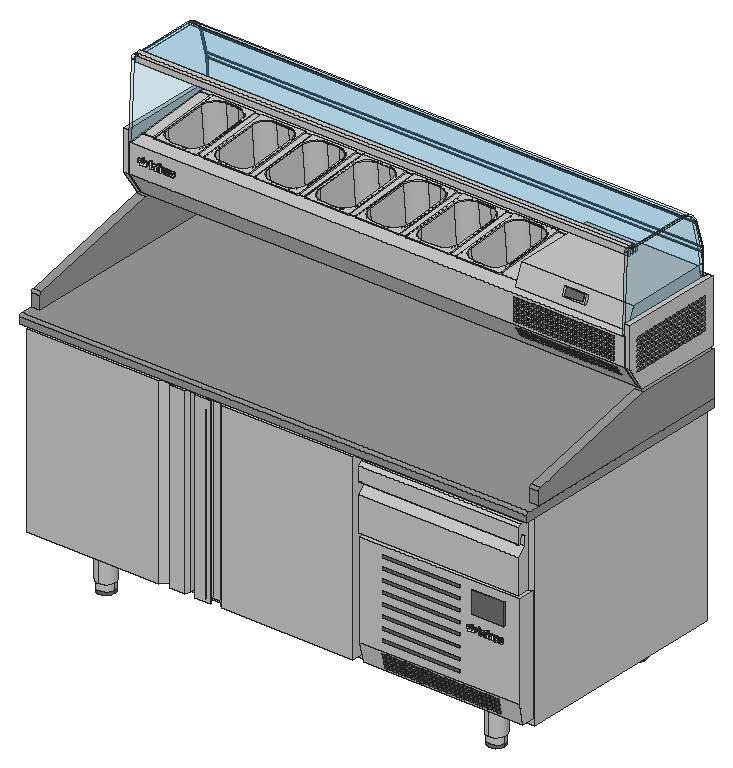
Revit family "QF_INFRICO_MP1740_VIP1740B14_G_250813111353", category Specialty Equipment, Revit 2021 (continued)
Definition of nested family "QF_INFRICO_VIP1740B14_G_6438"
  Forms (mm)
    Extrusion 1, solid
      sketch origin (-2002.914, -351.1, -830.93) x (1, 0, 0) y (0, 0, 1)
        loop
          line (3472.114, 980.789) -> (3482.114, 980.789) -> (3482.114, 990.789) -> (3472.114, 990.789) -> (3472.114, 980.789)
        loop
          line (3472.114, 997.214) -> (3482.114, 997.214) -> (3482.114, 1007.214) -> (3472.114, 1007.214) -> (3472.114, 997.214)
        loop
          line (3488.764, 997.214) -> (3498.764, 997.214) -> (3498.764, 1007.214) -> (3488.764, 1007.214) -> (3488.764, 997.214)
        loop
          line (3498.764, 980.789) -> (3498.764, 990.789) -> (3488.764, 990.789) -> (3488.764, 980.789) -> (3498.764, 980.789)
        loop
          line (3522.064, 931.514) -> (3532.064, 931.514) -> (3532.064, 941.514) -> (3522.064, 941.514) -> (3522.064, 931.514)
        loop
          line (3505.414, 931.514) -> (3515.414, 931.514) -> (3515.414, 941.514) -> (3505.414, 941.514) -> (3505.414, 931.514)
        loop
          line (3522.064, 947.939) -> (3532.064, 947.939) -> (3532.064, 957.939) -> (3522.064, 957.939) -> (3522.064, 947.939)
        loop
          line (3515.414, 947.939) -> (3515.414, 957.939) -> (3505.414, 957.939) -> (3505.414, 947.939) -> (3515.414, 947.939)
        loop
          line (3522.064, 964.364) -> (3532.064, 964.364) -> (3532.064, 974.364) -> (3522.064, 974.364) -> (3522.064, 964.364)
        loop
          line (3515.414, 964.364) -> (3515.414, 974.364) -> (3505.414, 974.364) -> (3505.414, 964.364) -> (3515.414, 964.364)
        loop
          line (3505.414, 980.789) -> (3515.414, 980.789) -> (3515.414, 990.789) -> (3505.414, 990.789) -> (3505.414, 980.789)
        loop
          line (3505.414, 997.214) -> (3515.414, 997.214) -> (3515.414, 1007.214) -> (3505.414, 1007.214) -> (3505.414, 997.214)
        loop
          line (3522.064, 997.214) -> (3532.064, 997.214) -> (3532.064, 1007.214) -> (3522.064, 1007.214) -> (3522.064, 997.214)
        loop
          line (3532.064, 980.789) -> (3532.064, 990.789) -> (3522.064, 990.789) -> (3522.064, 980.789) -> (3532.064, 980.789)
        loop
          line (3555.364, 931.514) -> (3565.364, 931.514) -> (3565.364, 941.514) -> (3555.364, 941.514) -> (3555.364, 931.514)
        loop
          line (3538.714, 931.514) -> (3548.714, 931.514) -> (3548.714, 941.514) -> (3538.714, 941.514) -> (3538.714, 931.514)
        loop
          line (3555.364, 947.939) -> (3565.364, 947.939) -> (3565.364, 957.939) -> (3555.364, 957.939) -> (3555.364, 947.939)
        loop
          line (3548.714, 947.939) -> (3548.714, 957.939) -> (3538.714, 957.939) -> (3538.714, 947.939) -> (3548.714, 947.939)
        loop
          line (3555.364, 964.364) -> (3565.364, 964.364) -> (3565.364, 974.364) -> (3555.364, 974.364) -> (3555.364, 964.364)
        loop
          line (3548.714, 964.364) -> (3548.714, 974.364) -> (3538.714, 974.364) -> (3538.714, 964.364) -> (3548.714, 964.364)
        loop
          line (3538.714, 980.789) -> (3548.714, 980.789) -> (3548.714, 990.789) -> (3538.714, 990.789) -> (3538.714, 980.789)
        loop
          line (3538.714, 997.214) -> (3548.714, 997.214) -> (3548.714, 1007.214) -> (3538.714, 1007.214) -> (3538.714, 997.214)
        loop
          line (3555.364, 997.214) -> (3565.364, 997.214) -> (3565.364, 1007.214) -> (3555.364, 1007.214) -> (3555.364, 997.214)
        loop
          line (3565.364, 980.789) -> (3565.364, 990.789) -> (3555.364, 990.789) -> (3555.364, 980.789) -> (3565.364, 980.789)
        loop
          line (3588.664, 931.514) -> (3598.664, 931.514) -> (3598.664, 941.514) -> (3588.664, 941.514) -> (3588.664, 931.514)
        loop
          line (3572.014, 931.514) -> (3582.014, 931.514) -> (3582.014, 941.514) -> (3572.014, 941.514) -> (3572.014, 931.514)
        loop
          line (3588.664, 947.939) -> (3598.664, 947.939) -> (3598.664, 957.939) -> (3588.664, 957.939) -> (3588.664, 947.939)
        loop
          line (3582.014, 947.939) -> (3582.014, 957.939) -> (3572.014, 957.939) -> (3572.014, 947.939) -> (3582.014, 947.939)
        loop
          line (3588.664, 964.364) -> (3598.664, 964.364) -> (3598.664, 974.364) -> (3588.664, 974.364) -> (3588.664, 964.364)
        loop
          line (3582.014, 964.364) -> (3582.014, 974.364) -> (3572.014, 974.364) -> (3572.014, 964.364) -> (3582.014, 964.364)
        loop
          line (3572.014, 980.789) -> (3582.014, 980.789) -> (3582.014, 990.789) -> (3572.014, 990.789) -> (3572.014, 980.789)
        loop
          line (3572.014, 997.214) -> (3582.014, 997.214) -> (3582.014, 1007.214) -> (3572.014, 1007.214) -> (3572.014, 997.214)
        loop
          line (3588.664, 997.214) -> (3598.664, 997.214) -> (3598.664, 1007.214) -> (3588.664, 1007.214) -> (3588.664, 997.214)
        loop
          line (3598.664, 980.789) -> (3598.664, 990.789) -> (3588.664, 990.789) -> (3588.664, 980.789) -> (3598.664, 980.789)
        loop
          line (3605.314, 931.514) -> (3615.314, 931.514) -> (3615.314, 941.514) -> (3605.314, 941.514) -> (3605.314, 931.514)
        loop
          line (3605.314, 947.939) -> (3615.314, 947.939) -> (3615.314, 957.939) -> (3605.314, 957.939) -> (3605.314, 947.939)
        loop
          line (3605.314, 964.364) -> (3615.314, 964.364) -> (3615.314, 974.364) -> (3605.314, 974.364) -> (3605.314, 964.364)
        loop
          line (3605.314, 997.214) -> (3615.314, 997.214) -> (3615.314, 1007.214) -> (3605.314, 1007.214) -> (3605.314, 997.214)
        loop
          line (3615.314, 980.789) -> (3615.314, 990.789) -> (3605.314, 990.789) -> (3605.314, 980.789) -> (3615.314, 980.789)
        loop
          line (3638.614, 931.514) -> (3648.614, 931.514) -> (3648.614, 941.514) -> (3638.614, 941.514) -> (3638.614, 931.514)
        loop
          line (3621.964, 931.514) -> (3631.964, 931.514) -> (3631.964, 941.514) -> (3621.964, 941.514) -> (3621.964, 931.514)
        loop
          line (3638.614, 947.939) -> (3648.614, 947.939) -> (3648.614, 957.939) -> (3638.614, 957.939) -> (3638.614, 947.939)
        loop
          line (3631.964, 947.939) -> (3631.964, 957.939) -> (3621.964, 957.939) -> (3621.964, 947.939) -> (3631.964, 947.939)
        loop
          line (3638.614, 964.364) -> (3648.614, 964.364) -> (3648.614, 974.364) -> (3638.614, 974.364) -> (3638.614, 964.364)
        loop
          line (3631.964, 964.364) -> (3631.964, 974.364) -> (3621.964, 974.364) -> (3621.964, 964.364) -> (3631.964, 964.364)
        loop
          line (3621.964, 980.789) -> (3631.964, 980.789) -> (3631.964, 990.789) -> (3621.964, 990.789) -> (3621.964, 980.789)
        loop
          line (3621.964, 997.214) -> (3631.964, 997.214) -> (3631.964, 1007.214) -> (3621.964, 1007.214) -> (3621.964, 997.214)
        loop
          line (3638.614, 997.214) -> (3648.614, 997.214) -> (3648.614, 1007.214) -> (3638.614, 1007.214) -> (3638.614, 997.214)
        loop
          line (3648.614, 980.789) -> (3648.614, 990.789) -> (3638.614, 990.789) -> (3638.614, 980.789) -> (3648.614, 980.789)
        loop
          line (3671.914, 931.514) -> (3681.914, 931.514) -> (3681.914, 941.514) -> (3671.914, 941.514) -> (3671.914, 931.514)
        loop
          line (3655.264, 931.514) -> (3665.264, 931.514) -> (3665.264, 941.514) -> (3655.264, 941.514) -> (3655.264, 931.514)
        loop
          line (3671.914, 947.939) -> (3681.914, 947.939) -> (3681.914, 957.939) -> (3671.914, 957.939) -> (3671.914, 947.939)
        loop
          line (3665.264, 947.939) -> (3665.264, 957.939) -> (3655.264, 957.939) -> (3655.264, 947.939) -> (3665.264, 947.939)
        loop
          line (3671.914, 964.364) -> (3681.914, 964.364) -> (3681.914, 974.364) -> (3671.914, 974.364) -> (3671.914, 964.364)
        loop
          line (3665.264, 964.364) -> (3665.264, 974.364) -> (3655.264, 974.364) -> (3655.264, 964.364) -> (3665.264, 964.364)
        loop
          line (3655.264, 980.789) -> (3665.264, 980.789) -> (3665.264, 990.789) -> (3655.264, 990.789) -> (3655.264, 980.789)
        loop
          line (3655.264, 997.214) -> (3665.264, 997.214) -> (3665.264, 1007.214) -> (3655.264, 1007.214) -> (3655.264, 997.214)
        loop
          line (3671.914, 997.214) -> (3681.914, 997.214) -> (3681.914, 1007.214) -> (3671.914, 1007.214) -> (3671.914, 997.214)
        loop
          line (3681.914, 980.789) -> (3681.914, 990.789) -> (3671.914, 990.789) -> (3671.914, 980.789) -> (3681.914, 980.789)
      from 0 to 2
    Extrusion 2, solid
      sketch origin (-2002.914, 212.286, -760.014) x (1, 0, 0) y (0, -0.552197, 0.833714)
        loop
          line (3355.564, 964.364) -> (3365.564, 964.364) -> (3365.564, 974.364) -> (3355.564, 974.364) -> (3355.564, 964.364)
        loop
          line (3348.914, 964.364) -> (3348.914, 974.364) -> (3338.914, 974.364) -> (3338.914, 964.364) -> (3348.914, 964.364)
        loop
          line (3338.914, 980.789) -> (3348.914, 980.789) -> (3348.914, 990.789) -> (3338.914, 990.789) -> (3338.914, 980.789)
        loop
          line (3338.914, 997.214) -> (3348.914, 997.214) -> (3348.914, 1007.214) -> (3338.914, 1007.214) -> (3338.914, 997.214)
        loop
          line (3355.564, 997.214) -> (3365.564, 997.214) -> (3365.564, 1007.214) -> (3355.564, 1007.214) -> (3355.564, 997.214)
        loop
          line (3365.564, 980.789) -> (3365.564, 990.789) -> (3355.564, 990.789) -> (3355.564, 980.789) -> (3365.564, 980.789)
        loop
          line (3388.864, 964.364) -> (3398.864, 964.364) -> (3398.864, 974.364) -> (3388.864, 974.364) -> (3388.864, 964.364)
        loop
          line (3382.214, 964.364) -> (3382.214, 974.364) -> (3372.214, 974.364) -> (3372.214, 964.364) -> (3382.214, 964.364)
        loop
          line (3372.214, 980.789) -> (3382.214, 980.789) -> (3382.214, 990.789) -> (3372.214, 990.789) -> (3372.214, 980.789)
        loop
          line (3372.214, 997.214) -> (3382.214, 997.214) -> (3382.214, 1007.214) -> (3372.214, 1007.214) -> (3372.214, 997.214)
        loop
          line (3388.864, 997.214) -> (3398.864, 997.214) -> (3398.864, 1007.214) -> (3388.864, 1007.214) -> (3388.864, 997.214)
        loop
          line (3398.864, 980.789) -> (3398.864, 990.789) -> (3388.864, 990.789) -> (3388.864, 980.789) -> (3398.864, 980.789)
        loop
          line (3422.164, 964.364) -> (3432.164, 964.364) -> (3432.164, 974.364) -> (3422.164, 974.364) -> (3422.164, 964.364)
        loop
          line (3415.514, 964.364) -> (3415.514, 974.364) -> (3405.514, 974.364) -> (3405.514, 964.364) -> (3415.514, 964.364)
        loop
          line (3405.514, 980.789) -> (3415.514, 980.789) -> (3415.514, 990.789) -> (3405.514, 990.789) -> (3405.514, 980.789)
        loop
          line (3405.514, 997.214) -> (3415.514, 997.214) -> (3415.514, 1007.214) -> (3405.514, 1007.214) -> (3405.514, 997.214)
        loop
          line (3422.164, 997.214) -> (3432.164, 997.214) -> (3432.164, 1007.214) -> (3422.164, 1007.214) -> (3422.164, 997.214)
        loop
          line (3432.164, 980.789) -> (3432.164, 990.789) -> (3422.164, 990.789) -> (3422.164, 980.789) -> (3432.164, 980.789)
        loop
          line (3455.464, 964.364) -> (3465.464, 964.364) -> (3465.464, 974.364) -> (3455.464, 974.364) -> (3455.464, 964.364)
        loop
          line (3448.814, 964.364) -> (3448.814, 974.364) -> (3438.814, 974.364) -> (3438.814, 964.364) -> (3448.814, 964.364)
        loop
          line (3438.814, 980.789) -> (3448.814, 980.789) -> (3448.814, 990.789) -> (3438.814, 990.789) -> (3438.814, 980.789)
        loop
          line (3438.814, 997.214) -> (3448.814, 997.214) -> (3448.814, 1007.214) -> (3438.814, 1007.214) -> (3438.814, 997.214)
        loop
          line (3455.464, 997.214) -> (3465.464, 997.214) -> (3465.464, 1007.214) -> (3455.464, 1007.214) -> (3455.464, 997.214)
        loop
          line (3465.464, 980.789) -> (3465.464, 990.789) -> (3455.464, 990.789) -> (3455.464, 980.789) -> (3465.464, 980.789)
        loop
          line (3488.764, 964.364) -> (3498.764, 964.364) -> (3498.764, 974.364) -> (3488.764, 974.364) -> (3488.764, 964.364)
        loop
          line (3482.114, 964.364) -> (3482.114, 974.364) -> (3472.114, 974.364) -> (3472.114, 964.364) -> (3482.114, 964.364)
        loop
          line (3472.114, 980.789) -> (3482.114, 980.789) -> (3482.114, 990.789) -> (3472.114, 990.789) -> (3472.114, 980.789)
        loop
          line (3472.114, 997.214) -> (3482.114, 997.214) -> (3482.114, 1007.214) -> (3472.114, 1007.214) -> (3472.114, 997.214)
        loop
          line (3488.764, 997.214) -> (3498.764, 997.214) -> (3498.764, 1007.214) -> (3488.764, 1007.214) -> (3488.764, 997.214)
        loop
          line (3498.764, 980.789) -> (3498.764, 990.789) -> (3488.764, 990.789) -> (3488.764, 980.789) -> (3498.764, 980.789)
        loop
          line (3522.064, 964.364) -> (3532.064, 964.364) -> (3532.064, 974.364) -> (3522.064, 974.364) -> (3522.064, 964.364)
        loop
          line (3515.414, 964.364) -> (3515.414, 974.364) -> (3505.414, 974.364) -> (3505.414, 964.364) -> (3515.414, 964.364)
        loop
          line (3505.414, 980.789) -> (3515.414, 980.789) -> (3515.414, 990.789) -> (3505.414, 990.789) -> (3505.414, 980.789)
        loop
          line (3505.414, 997.214) -> (3515.414, 997.214) -> (3515.414, 1007.214) -> (3505.414, 1007.214) -> (3505.414, 997.214)
        loop
          line (3522.064, 997.214) -> (3532.064, 997.214) -> (3532.064, 1007.214) -> (3522.064, 1007.214) -> (3522.064, 997.214)
        loop
          line (3532.064, 980.789) -> (3532.064, 990.789) -> (3522.064, 990.789) -> (3522.064, 980.789) -> (3532.064, 980.789)
        loop
          line (3555.364, 964.364) -> (3565.364, 964.364) -> (3565.364, 974.364) -> (3555.364, 974.364) -> (3555.364, 964.364)
        loop
          line (3548.714, 964.364) -> (3548.714, 974.364) -> (3538.714, 974.364) -> (3538.714, 964.364) -> (3548.714, 964.364)
        loop
          line (3538.714, 980.789) -> (3548.714, 980.789) -> (3548.714, 990.789) -> (3538.714, 990.789) -> (3538.714, 980.789)
        loop
          line (3538.714, 997.214) -> (3548.714, 997.214) -> (3548.714, 1007.214) -> (3538.714, 1007.214) -> (3538.714, 997.214)
        loop
          line (3555.364, 997.214) -> (3565.364, 997.214) -> (3565.364, 1007.214) -> (3555.364, 1007.214) -> (3555.364, 997.214)
        loop
          line (3565.364, 980.789) -> (3565.364, 990.789) -> (3555.364, 990.789) -> (3555.364, 980.789) -> (3565.364, 980.789)
        loop
          line (3588.664, 964.364) -> (3598.664, 964.364) -> (3598.664, 974.364) -> (3588.664, 974.364) -> (3588.664, 964.364)
        loop
          line (3582.014, 964.364) -> (3582.014, 974.364) -> (3572.014, 974.364) -> (3572.014, 964.364) -> (3582.014, 964.364)
        loop
          line (3572.014, 980.789) -> (3582.014, 980.789) -> (3582.014, 990.789) -> (3572.014, 990.789) -> (3572.014, 980.789)
        loop
          line (3572.014, 997.214) -> (3582.014, 997.214) -> (3582.014, 1007.214) -> (3572.014, 1007.214) -> (3572.014, 997.214)
        loop
          line (3588.664, 997.214) -> (3598.664, 997.214) -> (3598.664, 1007.214) -> (3588.664, 1007.214) -> (3588.664, 997.214)
        loop
          line (3598.664, 980.789) -> (3598.664, 990.789) -> (3588.664, 990.789) -> (3588.664, 980.789) -> (3598.664, 980.789)
        loop
          line (3605.314, 964.364) -> (3615.314, 964.364) -> (3615.314, 974.364) -> (3605.314, 974.364) -> (3605.314, 964.364)
        loop
          line (3605.314, 997.214) -> (3615.314, 997.214) -> (3615.314, 1007.214) -> (3605.314, 1007.214) -> (3605.314, 997.214)
        loop
          line (3615.314, 980.789) -> (3615.314, 990.789) -> (3605.314, 990.789) -> (3605.314, 980.789) -> (3615.314, 980.789)
        loop
          line (3638.614, 964.364) -> (3648.614, 964.364) -> (3648.614, 974.364) -> (3638.614, 974.364) -> (3638.614, 964.364)
        loop
          line (3631.964, 964.364) -> (3631.964, 974.364) -> (3621.964, 974.364) -> (3621.964, 964.364) -> (3631.964, 964.364)
        loop
          line (3621.964, 980.789) -> (3631.964, 980.789) -> (3631.964, 990.789) -> (3621.964, 990.789) -> (3621.964, 980.789)
        loop
          line (3621.964, 997.214) -> (3631.964, 997.214) -> (3631.964, 1007.214) -> (3621.964, 1007.214) -> (3621.964, 997.214)
        loop
          line (3638.614, 997.214) -> (3648.614, 997.214) -> (3648.614, 1007.214) -> (3638.614, 1007.214) -> (3638.614, 997.214)
        loop
          line (3648.614, 980.789) -> (3648.614, 990.789) -> (3638.614, 990.789) -> (3638.614, 980.789) -> (3648.614, 980.789)
        loop
          line (3671.914, 964.364) -> (3681.914, 964.364) -> (3681.914, 974.364) -> (3671.914, 974.364) -> (3671.914, 964.364)
        loop
          line (3665.264, 964.364) -> (3665.264, 974.364) -> (3655.264, 974.364) -> (3655.264, 964.364) -> (3665.264, 964.364)
        loop
          line (3655.264, 980.789) -> (3665.264, 980.789) -> (3665.264, 990.789) -> (3655.264, 990.789) -> (3655.264, 980.789)
        loop
          line (3655.264, 997.214) -> (3665.264, 997.214) -> (3665.264, 1007.214) -> (3655.264, 1007.214) -> (3655.264, 997.214)
        loop
          line (3671.914, 997.214) -> (3681.914, 997.214) -> (3681.914, 1007.214) -> (3671.914, 1007.214) -> (3671.914, 997.214)
        loop
          line (3681.914, 980.789) -> (3681.914, 990.789) -> (3671.914, 990.789) -> (3671.914, 980.789) -> (3681.914, 980.789)
      from 0 to 2
    Extrusion 3, solid
      sketch origin (-1972, 0.1, -845.104) x (1, 0, 0) y (0, 0, 1)
        loop
          line (3338.914, 931.514) -> (3348.914, 931.514) -> (3348.914, 941.514) -> (3338.914, 941.514) -> (3338.914, 931.514)
        loop
          line (3338.914, 948.181) -> (3348.914, 948.181) -> (3348.914, 958.181) -> (3338.914, 958.181) -> (3338.914, 948.181)
        loop
          line (3338.914, 964.847) -> (3348.914, 964.847) -> (3348.914, 974.847) -> (3338.914, 974.847) -> (3338.914, 964.847)
        loop
          line (3355.493, 931.514) -> (3365.493, 931.514) -> (3365.493, 941.514) -> (3355.493, 941.514) -> (3355.493, 931.514)
        loop
          line (3355.493, 948.181) -> (3365.493, 948.181) -> (3365.493, 958.181) -> (3355.493, 958.181) -> (3355.493, 948.181)
        loop
          line (3355.493, 964.847) -> (3365.493, 964.847) -> (3365.493, 974.847) -> (3355.493, 974.847) -> (3355.493, 964.847)
        loop
          line (3338.914, 981.514) -> (3348.914, 981.514) -> (3348.914, 991.514) -> (3338.914, 991.514) -> (3338.914, 981.514)
        loop
          line (3355.493, 991.514) -> (3355.493, 981.514) -> (3365.493, 981.514) -> (3365.493, 991.514) -> (3355.493, 991.514)
        loop
          line (3355.493, 998.181) -> (3365.493, 998.181) -> (3365.493, 1008.181) -> (3355.493, 1008.181) -> (3355.493, 998.181)
        loop
          line (3348.914, 998.181) -> (3348.914, 1008.181) -> (3338.914, 1008.181) -> (3338.914, 998.181) -> (3348.914, 998.181)
        loop
          line (3338.914, 1024.847) -> (3338.914, 1014.847) -> (3348.914, 1014.847) -> (3348.914, 1024.847) -> (3338.914, 1024.847)
        loop
          line (3355.493, 1014.847) -> (3365.493, 1014.847) -> (3365.493, 1024.847) -> (3355.493, 1024.847) -> (3355.493, 1014.847)
        loop
          line (3355.493, 1031.514) -> (3365.493, 1031.514) -> (3365.493, 1041.514) -> (3355.493, 1041.514) -> (3355.493, 1031.514)
        loop
          line (3348.914, 1041.514) -> (3338.914, 1041.514) -> (3338.914, 1031.514) -> (3348.914, 1031.514) -> (3348.914, 1041.514)
        loop
          line (3372.072, 931.514) -> (3382.072, 931.514) -> (3382.072, 941.514) -> (3372.072, 941.514) -> (3372.072, 931.514)
        loop
          line (3372.072, 948.181) -> (3382.072, 948.181) -> (3382.072, 958.181) -> (3372.072, 958.181) -> (3372.072, 948.181)
        loop
          line (3372.072, 964.847) -> (3382.072, 964.847) -> (3382.072, 974.847) -> (3372.072, 974.847) -> (3372.072, 964.847)
        loop
          line (3388.651, 931.514) -> (3398.651, 931.514) -> (3398.651, 941.514) -> (3388.651, 941.514) -> (3388.651, 931.514)
        loop
          line (3388.651, 948.181) -> (3398.651, 948.181) -> (3398.651, 958.181) -> (3388.651, 958.181) -> (3388.651, 948.181)
        loop
          line (3388.651, 964.847) -> (3398.651, 964.847) -> (3398.651, 974.847) -> (3388.651, 974.847) -> (3388.651, 964.847)
        loop
          line (3372.072, 981.514) -> (3382.072, 981.514) -> (3382.072, 991.514) -> (3372.072, 991.514) -> (3372.072, 981.514)
        loop
          line (3388.651, 991.514) -> (3388.651, 981.514) -> (3398.651, 981.514) -> (3398.651, 991.514) -> (3388.651, 991.514)
        loop
          line (3388.651, 998.181) -> (3398.651, 998.181) -> (3398.651, 1008.181) -> (3388.651, 1008.181) -> (3388.651, 998.181)
        loop
          line (3382.072, 998.181) -> (3382.072, 1008.181) -> (3372.072, 1008.181) -> (3372.072, 998.181) -> (3382.072, 998.181)
        loop
          line (3372.072, 1024.847) -> (3372.072, 1014.847) -> (3382.072, 1014.847) -> (3382.072, 1024.847) -> (3372.072, 1024.847)
        loop
          line (3388.651, 1014.847) -> (3398.651, 1014.847) -> (3398.651, 1024.847) -> (3388.651, 1024.847) -> (3388.651, 1014.847)
        loop
          line (3388.651, 1031.514) -> (3398.651, 1031.514) -> (3398.651, 1041.514) -> (3388.651, 1041.514) -> (3388.651, 1031.514)
        loop
          line (3382.072, 1041.514) -> (3372.072, 1041.514) -> (3372.072, 1031.514) -> (3382.072, 1031.514) -> (3382.072, 1041.514)
        loop
          line (3405.23, 931.514) -> (3415.23, 931.514) -> (3415.23, 941.514) -> (3405.23, 941.514) -> (3405.23, 931.514)
        loop
          line (3405.23, 948.181) -> (3415.23, 948.181) -> (3415.23, 958.181) -> (3405.23, 958.181) -> (3405.23, 948.181)
        loop
          line (3405.23, 964.847) -> (3415.23, 964.847) -> (3415.23, 974.847) -> (3405.23, 974.847) -> (3405.23, 964.847)
        loop
          line (3421.809, 931.514) -> (3431.809, 931.514) -> (3431.809, 941.514) -> (3421.809, 941.514) -> (3421.809, 931.514)
        loop
          line (3421.809, 948.181) -> (3431.809, 948.181) -> (3431.809, 958.181) -> (3421.809, 958.181) -> (3421.809, 948.181)
        loop
          line (3421.809, 964.847) -> (3431.809, 964.847) -> (3431.809, 974.847) -> (3421.809, 974.847) -> (3421.809, 964.847)
        loop
          line (3405.23, 981.514) -> (3415.23, 981.514) -> (3415.23, 991.514) -> (3405.23, 991.514) -> (3405.23, 981.514)
        loop
          line (3421.809, 991.514) -> (3421.809, 981.514) -> (3431.809, 981.514) -> (3431.809, 991.514) -> (3421.809, 991.514)
        loop
          line (3421.809, 998.181) -> (3431.809, 998.181) -> (3431.809, 1008.181) -> (3421.809, 1008.181) -> (3421.809, 998.181)
        loop
          line (3415.23, 998.181) -> (3415.23, 1008.181) -> (3405.23, 1008.181) -> (3405.23, 998.181) -> (3415.23, 998.181)
        loop
          line (3405.23, 1024.847) -> (3405.23, 1014.847) -> (3415.23, 1014.847) -> (3415.23, 1024.847) -> (3405.23, 1024.847)
        loop
          line (3421.809, 1014.847) -> (3431.809, 1014.847) -> (3431.809, 1024.847) -> (3421.809, 1024.847) -> (3421.809, 1014.847)
        loop
          line (3421.809, 1031.514) -> (3431.809, 1031.514) -> (3431.809, 1041.514) -> (3421.809, 1041.514) -> (3421.809, 1031.514)
        loop
          line (3415.23, 1041.514) -> (3405.23, 1041.514) -> (3405.23, 1031.514) -> (3415.23, 1031.514) -> (3415.23, 1041.514)
        loop
          line (3438.388, 931.514) -> (3448.388, 931.514) -> (3448.388, 941.514) -> (3438.388, 941.514) -> (3438.388, 931.514)
        loop
          line (3438.388, 948.181) -> (3448.388, 948.181) -> (3448.388, 958.181) -> (3438.388, 958.181) -> (3438.388, 948.181)
        loop
          line (3438.388, 964.847) -> (3448.388, 964.847) -> (3448.388, 974.847) -> (3438.388, 974.847) -> (3438.388, 964.847)
        loop
          line (3454.967, 931.514) -> (3464.967, 931.514) -> (3464.967, 941.514) -> (3454.967, 941.514) -> (3454.967, 931.514)
        loop
          line (3454.967, 948.181) -> (3464.967, 948.181) -> (3464.967, 958.181) -> (3454.967, 958.181) -> (3454.967, 948.181)
        loop
          line (3454.967, 964.847) -> (3464.967, 964.847) -> (3464.967, 974.847) -> (3454.967, 974.847) -> (3454.967, 964.847)
        loop
          line (3438.388, 981.514) -> (3448.388, 981.514) -> (3448.388, 991.514) -> (3438.388, 991.514) -> (3438.388, 981.514)
        loop
          line (3454.967, 991.514) -> (3454.967, 981.514) -> (3464.967, 981.514) -> (3464.967, 991.514) -> (3454.967, 991.514)
        loop
          line (3454.967, 998.181) -> (3464.967, 998.181) -> (3464.967, 1008.181) -> (3454.967, 1008.181) -> (3454.967, 998.181)
        loop
          line (3448.388, 998.181) -> (3448.388, 1008.181) -> (3438.388, 1008.181) -> (3438.388, 998.181) -> (3448.388, 998.181)
        loop
          line (3438.388, 1024.847) -> (3438.388, 1014.847) -> (3448.388, 1014.847) -> (3448.388, 1024.847) -> (3438.388, 1024.847)
        loop
          line (3454.967, 1014.847) -> (3464.967, 1014.847) -> (3464.967, 1024.847) -> (3454.967, 1024.847) -> (3454.967, 1014.847)
        loop
          line (3454.967, 1031.514) -> (3464.967, 1031.514) -> (3464.967, 1041.514) -> (3454.967, 1041.514) -> (3454.967, 1031.514)
        loop
          line (3448.388, 1041.514) -> (3438.388, 1041.514) -> (3438.388, 1031.514) -> (3448.388, 1031.514) -> (3448.388, 1041.514)
        loop
          line (3471.546, 931.514) -> (3481.546, 931.514) -> (3481.546, 941.514) -> (3471.546, 941.514) -> (3471.546, 931.514)
        loop
          line (3471.546, 948.181) -> (3481.546, 948.181) -> (3481.546, 958.181) -> (3471.546, 958.181) -> (3471.546, 948.181)
        loop
          line (3471.546, 964.847) -> (3481.546, 964.847) -> (3481.546, 974.847) -> (3471.546, 974.847) -> (3471.546, 964.847)
        loop
          line (3488.125, 931.514) -> (3498.125, 931.514) -> (3498.125, 941.514) -> (3488.125, 941.514) -> (3488.125, 931.514)
        loop
          line (3488.125, 948.181) -> (3498.125, 948.181) -> (3498.125, 958.181) -> (3488.125, 958.181) -> (3488.125, 948.181)
        loop
          line (3488.125, 964.847) -> (3498.125, 964.847) -> (3498.125, 974.847) -> (3488.125, 974.847) -> (3488.125, 964.847)
        loop
          line (3471.546, 981.514) -> (3481.546, 981.514) -> (3481.546, 991.514) -> (3471.546, 991.514) -> (3471.546, 981.514)
        loop
          line (3488.125, 991.514) -> (3488.125, 981.514) -> (3498.125, 981.514) -> (3498.125, 991.514) -> (3488.125, 991.514)
        loop
          line (3488.125, 998.181) -> (3498.125, 998.181) -> (3498.125, 1008.181) -> (3488.125, 1008.181) -> (3488.125, 998.181)
        loop
          line (3481.546, 998.181) -> (3481.546, 1008.181) -> (3471.546, 1008.181) -> (3471.546, 998.181) -> (3481.546, 998.181)
        loop
          line (3471.546, 1024.847) -> (3471.546, 1014.847) -> (3481.546, 1014.847) -> (3481.546, 1024.847) -> (3471.546, 1024.847)
        loop
          line (3488.125, 1014.847) -> (3498.125, 1014.847) -> (3498.125, 1024.847) -> (3488.125, 1024.847) -> (3488.125, 1014.847)
        loop
          line (3488.125, 1031.514) -> (3498.125, 1031.514) -> (3498.125, 1041.514) -> (3488.125, 1041.514) -> (3488.125, 1031.514)
        loop
          line (3481.546, 1041.514) -> (3471.546, 1041.514) -> (3471.546, 1031.514) -> (3481.546, 1031.514) -> (3481.546, 1041.514)
        loop
          line (3504.704, 931.514) -> (3514.704, 931.514) -> (3514.704, 941.514) -> (3504.704, 941.514) -> (3504.704, 931.514)
        loop
          line (3504.704, 948.181) -> (3514.704, 948.181) -> (3514.704, 958.181) -> (3504.704, 958.181) -> (3504.704, 948.181)
        loop
          line (3504.704, 964.847) -> (3514.704, 964.847) -> (3514.704, 974.847) -> (3504.704, 974.847) -> (3504.704, 964.847)
        loop
          line (3521.283, 931.514) -> (3531.283, 931.514) -> (3531.283, 941.514) -> (3521.283, 941.514) -> (3521.283, 931.514)
        loop
          line (3521.283, 948.181) -> (3531.283, 948.181) -> (3531.283, 958.181) -> (3521.283, 958.181) -> (3521.283, 948.181)
        loop
          line (3521.283, 964.847) -> (3531.283, 964.847) -> (3531.283, 974.847) -> (3521.283, 974.847) -> (3521.283, 964.847)
        loop
          line (3504.704, 981.514) -> (3514.704, 981.514) -> (3514.704, 991.514) -> (3504.704, 991.514) -> (3504.704, 981.514)
        loop
          line (3521.283, 991.514) -> (3521.283, 981.514) -> (3531.283, 981.514) -> (3531.283, 991.514) -> (3521.283, 991.514)
        loop
          line (3521.283, 998.181) -> (3531.283, 998.181) -> (3531.283, 1008.181) -> (3521.283, 1008.181) -> (3521.283, 998.181)
        loop
          line (3514.704, 998.181) -> (3514.704, 1008.181) -> (3504.704, 1008.181) -> (3504.704, 998.181) -> (3514.704, 998.181)
        loop
          line (3504.704, 1024.847) -> (3504.704, 1014.847) -> (3514.704, 1014.847) -> (3514.704, 1024.847) -> (3504.704, 1024.847)
        loop
          line (3521.283, 1014.847) -> (3531.283, 1014.847) -> (3531.283, 1024.847) -> (3521.283, 1024.847) -> (3521.283, 1014.847)
        loop
          line (3521.283, 1031.514) -> (3531.283, 1031.514) -> (3531.283, 1041.514) -> (3521.283, 1041.514) -> (3521.283, 1031.514)
        loop
          line (3514.704, 1041.514) -> (3504.704, 1041.514) -> (3504.704, 1031.514) -> (3514.704, 1031.514) -> (3514.704, 1041.514)
        loop
          line (3537.862, 931.514) -> (3547.862, 931.514) -> (3547.862, 941.514) -> (3537.862, 941.514) -> (3537.862, 931.514)
        loop
          line (3537.862, 948.181) -> (3547.862, 948.181) -> (3547.862, 958.181) -> (3537.862, 958.181) -> (3537.862, 948.181)
        loop
          line (3537.862, 964.847) -> (3547.862, 964.847) -> (3547.862, 974.847) -> (3537.862, 974.847) -> (3537.862, 964.847)
        loop
          line (3554.441, 931.514) -> (3564.441, 931.514) -> (3564.441, 941.514) -> (3554.441, 941.514) -> (3554.441, 931.514)
        loop
          line (3554.441, 948.181) -> (3564.441, 948.181) -> (3564.441, 958.181) -> (3554.441, 958.181) -> (3554.441, 948.181)
        loop
          line (3554.441, 964.847) -> (3564.441, 964.847) -> (3564.441, 974.847) -> (3554.441, 974.847) -> (3554.441, 964.847)
        loop
          line (3537.862, 981.514) -> (3547.862, 981.514) -> (3547.862, 991.514) -> (3537.862, 991.514) -> (3537.862, 981.514)
        loop
          line (3554.441, 991.514) -> (3554.441, 981.514) -> (3564.441, 981.514) -> (3564.441, 991.514) -> (3554.441, 991.514)
        loop
          line (3554.441, 998.181) -> (3564.441, 998.181) -> (3564.441, 1008.181) -> (3554.441, 1008.181) -> (3554.441, 998.181)
        loop
          line (3547.862, 998.181) -> (3547.862, 1008.181) -> (3537.862, 1008.181) -> (3537.862, 998.181) -> (3547.862, 998.181)
        loop
          line (3537.862, 1024.847) -> (3537.862, 1014.847) -> (3547.862, 1014.847) -> (3547.862, 1024.847) -> (3537.862, 1024.847)
        loop
          line (3554.441, 1014.847) -> (3564.441, 1014.847) -> (3564.441, 1024.847) -> (3554.441, 1024.847) -> (3554.441, 1014.847)
        loop
          line (3554.441, 1031.514) -> (3564.441, 1031.514) -> (3564.441, 1041.514) -> (3554.441, 1041.514) -> (3554.441, 1031.514)
        loop
          line (3547.862, 1041.514) -> (3537.862, 1041.514) -> (3537.862, 1031.514) -> (3547.862, 1031.514) -> (3547.862, 1041.514)
        loop
          line (3571.019, 931.514) -> (3581.019, 931.514) -> (3581.019, 941.514) -> (3571.019, 941.514) -> (3571.019, 931.514)
        loop
          line (3571.019, 948.181) -> (3581.019, 948.181) -> (3581.019, 958.181) -> (3571.019, 958.181) -> (3571.019, 948.181)
        loop
          line (3571.019, 964.847) -> (3581.019, 964.847) -> (3581.019, 974.847) -> (3571.019, 974.847) -> (3571.019, 964.847)
        loop
          line (3587.598, 931.514) -> (3597.598, 931.514) -> (3597.598, 941.514) -> (3587.598, 941.514) -> (3587.598, 931.514)
        loop
          line (3587.598, 948.181) -> (3597.598, 948.181) -> (3597.598, 958.181) -> (3587.598, 958.181) -> (3587.598, 948.181)
        loop
          line (3587.598, 964.847) -> (3597.598, 964.847) -> (3597.598, 974.847) -> (3587.598, 974.847) -> (3587.598, 964.847)
        loop
          line (3571.019, 981.514) -> (3581.019, 981.514) -> (3581.019, 991.514) -> (3571.019, 991.514) -> (3571.019, 981.514)
        loop
          line (3587.598, 991.514) -> (3587.598, 981.514) -> (3597.598, 981.514) -> (3597.598, 991.514) -> (3587.598, 991.514)
        loop
          line (3587.598, 998.181) -> (3597.598, 998.181) -> (3597.598, 1008.181) -> (3587.598, 1008.181) -> (3587.598, 998.181)
        loop
          line (3581.019, 998.181) -> (3581.019, 1008.181) -> (3571.019, 1008.181) -> (3571.019, 998.181) -> (3581.019, 998.181)
        loop
          line (3571.019, 1024.847) -> (3571.019, 1014.847) -> (3581.019, 1014.847) -> (3581.019, 1024.847) -> (3571.019, 1024.847)
        loop
          line (3587.598, 1014.847) -> (3597.598, 1014.847) -> (3597.598, 1024.847) -> (3587.598, 1024.847) -> (3587.598, 1014.847)
        loop
          line (3587.598, 1031.514) -> (3597.598, 1031.514) -> (3597.598, 1041.514) -> (3587.598, 1041.514) -> (3587.598, 1031.514)
        loop
          line (3581.019, 1041.514) -> (3571.019, 1041.514) -> (3571.019, 1031.514) -> (3581.019, 1031.514) -> (3581.019, 1041.514)
        loop
          line (3604.177, 931.514) -> (3614.177, 931.514) -> (3614.177, 941.514) -> (3604.177, 941.514) -> (3604.177, 931.514)
        loop
          line (3604.177, 948.181) -> (3614.177, 948.181) -> (3614.177, 958.181) -> (3604.177, 958.181) -> (3604.177, 948.181)
        loop
          line (3604.177, 964.847) -> (3614.177, 964.847) -> (3614.177, 974.847) -> (3604.177, 974.847) -> (3604.177, 964.847)
        loop
          line (3620.756, 931.514) -> (3630.756, 931.514) -> (3630.756, 941.514) -> (3620.756, 941.514) -> (3620.756, 931.514)
        loop
          line (3620.756, 948.181) -> (3630.756, 948.181) -> (3630.756, 958.181) -> (3620.756, 958.181) -> (3620.756, 948.181)
        loop
          line (3620.756, 964.847) -> (3630.756, 964.847) -> (3630.756, 974.847) -> (3620.756, 974.847) -> (3620.756, 964.847)
        loop
          line (3604.177, 981.514) -> (3614.177, 981.514) -> (3614.177, 991.514) -> (3604.177, 991.514) -> (3604.177, 981.514)
        loop
          line (3620.756, 991.514) -> (3620.756, 981.514) -> (3630.756, 981.514) -> (3630.756, 991.514) -> (3620.756, 991.514)
        loop
          line (3620.756, 998.181) -> (3630.756, 998.181) -> (3630.756, 1008.181) -> (3620.756, 1008.181) -> (3620.756, 998.181)
        loop
          line (3614.177, 998.181) -> (3614.177, 1008.181) -> (3604.177, 1008.181) -> (3604.177, 998.181) -> (3614.177, 998.181)
        loop
          line (3604.177, 1024.847) -> (3604.177, 1014.847) -> (3614.177, 1014.847) -> (3614.177, 1024.847) -> (3604.177, 1024.847)
        loop
          line (3620.756, 1014.847) -> (3630.756, 1014.847) -> (3630.756, 1024.847) -> (3620.756, 1024.847) -> (3620.756, 1014.847)
        loop
          line (3620.756, 1031.514) -> (3630.756, 1031.514) -> (3630.756, 1041.514) -> (3620.756, 1041.514) -> (3620.756, 1031.514)
        loop
          line (3614.177, 1041.514) -> (3604.177, 1041.514) -> (3604.177, 1031.514) -> (3614.177, 1031.514) -> (3614.177, 1041.514)
        loop
          line (3637.335, 931.514) -> (3647.335, 931.514) -> (3647.335, 941.514) -> (3637.335, 941.514) -> (3637.335, 931.514)
        loop
          line (3637.335, 948.181) -> (3647.335, 948.181) -> (3647.335, 958.181) -> (3637.335, 958.181) -> (3637.335, 948.181)
        loop
          line (3637.335, 964.847) -> (3647.335, 964.847) -> (3647.335, 974.847) -> (3637.335, 974.847) -> (3637.335, 964.847)
        loop
          line (3653.914, 931.514) -> (3663.914, 931.514) -> (3663.914, 941.514) -> (3653.914, 941.514) -> (3653.914, 931.514)
        loop
          line (3653.914, 948.181) -> (3663.914, 948.181) -> (3663.914, 958.181) -> (3653.914, 958.181) -> (3653.914, 948.181)
        loop
          line (3653.914, 964.847) -> (3663.914, 964.847) -> (3663.914, 974.847) -> (3653.914, 974.847) -> (3653.914, 964.847)
        loop
          line (3637.335, 981.514) -> (3647.335, 981.514) -> (3647.335, 991.514) -> (3637.335, 991.514) -> (3637.335, 981.514)
        loop
          line (3653.914, 991.514) -> (3653.914, 981.514) -> (3663.914, 981.514) -> (3663.914, 991.514) -> (3653.914, 991.514)
        loop
          line (3653.914, 998.181) -> (3663.914, 998.181) -> (3663.914, 1008.181) -> (3653.914, 1008.181) -> (3653.914, 998.181)
        loop
          line (3647.335, 998.181) -> (3647.335, 1008.181) -> (3637.335, 1008.181) -> (3637.335, 998.181) -> (3647.335, 998.181)
        loop
          line (3637.335, 1024.847) -> (3637.335, 1014.847) -> (3647.335, 1014.847) -> (3647.335, 1024.847) -> (3637.335, 1024.847)
        loop
          line (3653.914, 1014.847) -> (3663.914, 1014.847) -> (3663.914, 1024.847) -> (3653.914, 1024.847) -> (3653.914, 1014.847)
        loop
          line (3653.914, 1031.514) -> (3663.914, 1031.514) -> (3663.914, 1041.514) -> (3653.914, 1041.514) -> (3653.914, 1031.514)
        loop
          line (3647.335, 1041.514) -> (3637.335, 1041.514) -> (3637.335, 1031.514) -> (3647.335, 1031.514) -> (3647.335, 1041.514)
      from 0 to 2
    Extrusion 4, solid
      sketch origin (1731.1, -1947.229, -830.93) x (0, 1, 0) y (0, 0, 1)
        loop
          line (1913.629, 1008.819) -> (1903.629, 1008.819) -> (1903.629, 998.819) -> (1913.629, 998.819) -> (1913.629, 1008.819)
        loop
          line (1913.629, 992.486) -> (1903.629, 992.486) -> (1903.629, 982.486) -> (1913.629, 982.486) -> (1913.629, 992.486)
        loop
          line (1913.629, 976.153) -> (1903.629, 976.153) -> (1903.629, 966.153) -> (1913.629, 966.153) -> (1913.629, 976.153)
        loop
          line (1913.629, 959.819) -> (1903.629, 959.819) -> (1903.629, 949.819) -> (1913.629, 949.819) -> (1913.629, 959.819)
        loop
          line (1913.629, 943.486) -> (1903.629, 943.486) -> (1903.629, 933.486) -> (1913.629, 933.486) -> (1913.629, 943.486)
        loop
          line (1913.629, 927.153) -> (1903.629, 927.153) -> (1903.629, 917.153) -> (1913.629, 917.153) -> (1913.629, 927.153)
        loop
          line (1913.629, 910.819) -> (1903.629, 910.819) -> (1903.629, 900.819) -> (1913.629, 900.819) -> (1913.629, 910.819)
        loop
          line (1897.235, 1008.819) -> (1887.235, 1008.819) -> (1887.235, 998.819) -> (1897.235, 998.819) -> (1897.235, 1008.819)
        loop
          line (1897.235, 992.486) -> (1887.235, 992.486) -> (1887.235, 982.486) -> (1897.235, 982.486) -> (1897.235, 992.486)
        loop
          line (1897.235, 976.153) -> (1887.235, 976.153) -> (1887.235, 966.153) -> (1897.235, 966.153) -> (1897.235, 976.153)
        loop
          line (1897.235, 959.819) -> (1887.235, 959.819) -> (1887.235, 949.819) -> (1897.235, 949.819) -> (1897.235, 959.819)
        loop
          line (1897.235, 943.486) -> (1887.235, 943.486) -> (1887.235, 933.486) -> (1897.235, 933.486) -> (1897.235, 943.486)
        loop
          line (1897.235, 927.153) -> (1887.235, 927.153) -> (1887.235, 917.153) -> (1897.235, 917.153) -> (1897.235, 927.153)
        loop
          line (1897.235, 910.819) -> (1887.235, 910.819) -> (1887.235, 900.819) -> (1897.235, 900.819) -> (1897.235, 910.819)
        loop
          line (1880.841, 1008.819) -> (1870.841, 1008.819) -> (1870.841, 998.819) -> (1880.841, 998.819) -> (1880.841, 1008.819)
        loop
          line (1880.841, 992.486) -> (1870.841, 992.486) -> (1870.841, 982.486) -> (1880.841, 982.486) -> (1880.841, 992.486)
        loop
          line (1880.841, 976.153) -> (1870.841, 976.153) -> (1870.841, 966.153) -> (1880.841, 966.153) -> (1880.841, 976.153)
        loop
          line (1880.841, 959.819) -> (1870.841, 959.819) -> (1870.841, 949.819) -> (1880.841, 949.819) -> (1880.841, 959.819)
        loop
          line (1880.841, 943.486) -> (1870.841, 943.486) -> (1870.841, 933.486) -> (1880.841, 933.486) -> (1880.841, 943.486)
        loop
          line (1880.841, 927.153) -> (1870.841, 927.153) -> (1870.841, 917.153) -> (1880.841, 917.153) -> (1880.841, 927.153)
        loop
          line (1880.841, 910.819) -> (1870.841, 910.819) -> (1870.841, 900.819) -> (1880.841, 900.819) -> (1880.841, 910.819)
        loop
          line (1864.447, 1008.819) -> (1854.447, 1008.819) -> (1854.447, 998.819) -> (1864.447, 998.819) -> (1864.447, 1008.819)
        loop
          line (1864.447, 992.486) -> (1854.447, 992.486) -> (1854.447, 982.486) -> (1864.447, 982.486) -> (1864.447, 992.486)
        loop
          line (1864.447, 976.153) -> (1854.447, 976.153) -> (1854.447, 966.153) -> (1864.447, 966.153) -> (1864.447, 976.153)
        loop
          line (1864.447, 959.819) -> (1854.447, 959.819) -> (1854.447, 949.819) -> (1864.447, 949.819) -> (1864.447, 959.819)
        loop
          line (1864.447, 943.486) -> (1854.447, 943.486) -> (1854.447, 933.486) -> (1864.447, 933.486) -> (1864.447, 943.486)
        loop
          line (1864.447, 927.153) -> (1854.447, 927.153) -> (1854.447, 917.153) -> (1864.447, 917.153) -> (1864.447, 927.153)
        loop
          line (1864.447, 910.819) -> (1854.447, 910.819) -> (1854.447, 900.819) -> (1864.447, 900.819) -> (1864.447, 910.819)
        loop
          line (1848.054, 1008.819) -> (1838.054, 1008.819) -> (1838.054, 998.819) -> (1848.054, 998.819) -> (1848.054, 1008.819)
        loop
          line (1848.054, 992.486) -> (1838.054, 992.486) -> (1838.054, 982.486) -> (1848.054, 982.486) -> (1848.054, 992.486)
        loop
          line (1848.054, 976.153) -> (1838.054, 976.153) -> (1838.054, 966.153) -> (1848.054, 966.153) -> (1848.054, 976.153)
        loop
          line (1848.054, 959.819) -> (1838.054, 959.819) -> (1838.054, 949.819) -> (1848.054, 949.819) -> (1848.054, 959.819)
        loop
          line (1848.054, 943.486) -> (1838.054, 943.486) -> (1838.054, 933.486) -> (1848.054, 933.486) -> (1848.054, 943.486)
        loop
          line (1848.054, 927.153) -> (1838.054, 927.153) -> (1838.054, 917.153) -> (1848.054, 917.153) -> (1848.054, 927.153)
        loop
          line (1848.054, 910.819) -> (1838.054, 910.819) -> (1838.054, 900.819) -> (1848.054, 900.819) -> (1848.054, 910.819)
        loop
          line (1831.66, 1008.819) -> (1821.66, 1008.819) -> (1821.66, 998.819) -> (1831.66, 998.819) -> (1831.66, 1008.819)
        loop
          line (1831.66, 992.486) -> (1821.66, 992.486) -> (1821.66, 982.486) -> (1831.66, 982.486) -> (1831.66, 992.486)
        loop
          line (1831.66, 976.153) -> (1821.66, 976.153) -> (1821.66, 966.153) -> (1831.66, 966.153) -> (1831.66, 976.153)
        loop
          line (1831.66, 959.819) -> (1821.66, 959.819) -> (1821.66, 949.819) -> (1831.66, 949.819) -> (1831.66, 959.819)
        loop
          line (1831.66, 943.486) -> (1821.66, 943.486) -> (1821.66, 933.486) -> (1831.66, 933.486) -> (1831.66, 943.486)
        loop
          line (1831.66, 927.153) -> (1821.66, 927.153) -> (1821.66, 917.153) -> (1831.66, 917.153) -> (1831.66, 927.153)
        loop
          line (1831.66, 910.819) -> (1821.66, 910.819) -> (1821.66, 900.819) -> (1831.66, 900.819) -> (1831.66, 910.819)
        loop
          line (1815.266, 1008.819) -> (1805.266, 1008.819) -> (1805.266, 998.819) -> (1815.266, 998.819) -> (1815.266, 1008.819)
        loop
          line (1815.266, 992.486) -> (1805.266, 992.486) -> (1805.266, 982.486) -> (1815.266, 982.486) -> (1815.266, 992.486)
        loop
          line (1815.266, 976.153) -> (1805.266, 976.153) -> (1805.266, 966.153) -> (1815.266, 966.153) -> (1815.266, 976.153)
        loop
          line (1815.266, 959.819) -> (1805.266, 959.819) -> (1805.266, 949.819) -> (1815.266, 949.819) -> (1815.266, 959.819)
        loop
          line (1815.266, 943.486) -> (1805.266, 943.486) -> (1805.266, 933.486) -> (1815.266, 933.486) -> (1815.266, 943.486)
        loop
          line (1815.266, 927.153) -> (1805.266, 927.153) -> (1805.266, 917.153) -> (1815.266, 917.153) -> (1815.266, 927.153)
        loop
          line (1815.266, 910.819) -> (1805.266, 910.819) -> (1805.266, 900.819) -> (1815.266, 900.819) -> (1815.266, 910.819)
        loop
          line (1798.872, 1008.819) -> (1788.872, 1008.819) -> (1788.872, 998.819) -> (1798.872, 998.819) -> (1798.872, 1008.819)
        loop
          line (1798.872, 992.486) -> (1788.872, 992.486) -> (1788.872, 982.486) -> (1798.872, 982.486) -> (1798.872, 992.486)
        loop
          line (1798.872, 976.153) -> (1788.872, 976.153) -> (1788.872, 966.153) -> (1798.872, 966.153) -> (1798.872, 976.153)
        loop
          line (1798.872, 959.819) -> (1788.872, 959.819) -> (1788.872, 949.819) -> (1798.872, 949.819) -> (1798.872, 959.819)
        loop
          line (1798.872, 943.486) -> (1788.872, 943.486) -> (1788.872, 933.486) -> (1798.872, 933.486) -> (1798.872, 943.486)
        loop
          line (1798.872, 927.153) -> (1788.872, 927.153) -> (1788.872, 917.153) -> (1798.872, 917.153) -> (1798.872, 927.153)
        loop
          line (1798.872, 910.819) -> (1788.872, 910.819) -> (1788.872, 900.819) -> (1798.872, 900.819) -> (1798.872, 910.819)
        loop
          line (1782.478, 1008.819) -> (1772.478, 1008.819) -> (1772.478, 998.819) -> (1782.478, 998.819) -> (1782.478, 1008.819)
        loop
          line (1782.478, 992.486) -> (1772.478, 992.486) -> (1772.478, 982.486) -> (1782.478, 982.486) -> (1782.478, 992.486)
        loop
          line (1782.478, 976.153) -> (1772.478, 976.153) -> (1772.478, 966.153) -> (1782.478, 966.153) -> (1782.478, 976.153)
        loop
          line (1782.478, 959.819) -> (1772.478, 959.819) -> (1772.478, 949.819) -> (1782.478, 949.819) -> (1782.478, 959.819)
        loop
          line (1782.478, 943.486) -> (1772.478, 943.486) -> (1772.478, 933.486) -> (1782.478, 933.486) -> (1782.478, 943.486)
        loop
          line (1782.478, 927.153) -> (1772.478, 927.153) -> (1772.478, 917.153) -> (1782.478, 917.153) -> (1782.478, 927.153)
        loop
          line (1782.478, 910.819) -> (1772.478, 910.819) -> (1772.478, 900.819) -> (1782.478, 900.819) -> (1782.478, 910.819)
        loop
          line (1766.084, 1008.819) -> (1756.084, 1008.819) -> (1756.084, 998.819) -> (1766.084, 998.819) -> (1766.084, 1008.819)
        loop
          line (1766.084, 992.486) -> (1756.084, 992.486) -> (1756.084, 982.486) -> (1766.084, 982.486) -> (1766.084, 992.486)
        loop
          line (1766.084, 976.153) -> (1756.084, 976.153) -> (1756.084, 966.153) -> (1766.084, 966.153) -> (1766.084, 976.153)
        loop
          line (1766.084, 959.819) -> (1756.084, 959.819) -> (1756.084, 949.819) -> (1766.084, 949.819) -> (1766.084, 959.819)
        loop
          line (1766.084, 943.486) -> (1756.084, 943.486) -> (1756.084, 933.486) -> (1766.084, 933.486) -> (1766.084, 943.486)
        loop
          line (1766.084, 927.153) -> (1756.084, 927.153) -> (1756.084, 917.153) -> (1766.084, 917.153) -> (1766.084, 927.153)
        loop
          line (1766.084, 910.819) -> (1756.084, 910.819) -> (1756.084, 900.819) -> (1766.084, 900.819) -> (1766.084, 910.819)
        loop
          line (1749.691, 1008.819) -> (1739.691, 1008.819) -> (1739.691, 998.819) -> (1749.691, 998.819) -> (1749.691, 1008.819)
        loop
          line (1749.691, 992.486) -> (1739.691, 992.486) -> (1739.691, 982.486) -> (1749.691, 982.486) -> (1749.691, 992.486)
        loop
          line (1749.691, 976.153) -> (1739.691, 976.153) -> (1739.691, 966.153) -> (1749.691, 966.153) -> (1749.691, 976.153)
        loop
          line (1749.691, 959.819) -> (1739.691, 959.819) -> (1739.691, 949.819) -> (1749.691, 949.819) -> (1749.691, 959.819)
        loop
          line (1749.691, 943.486) -> (1739.691, 943.486) -> (1739.691, 933.486) -> (1749.691, 933.486) -> (1749.691, 943.486)
        loop
          line (1749.691, 927.153) -> (1739.691, 927.153) -> (1739.691, 917.153) -> (1749.691, 917.153) -> (1749.691, 927.153)
        loop
          line (1749.691, 910.819) -> (1739.691, 910.819) -> (1739.691, 900.819) -> (1749.691, 900.819) -> (1749.691, 910.819)
        loop
          line (1733.297, 1008.819) -> (1723.297, 1008.819) -> (1723.297, 998.819) -> (1733.297, 998.819) -> (1733.297, 1008.819)
        loop
          line (1733.297, 992.486) -> (1723.297, 992.486) -> (1723.297, 982.486) -> (1733.297, 982.486) -> (1733.297, 992.486)
        loop
          line (1733.297, 976.153) -> (1723.297, 976.153) -> (1723.297, 966.153) -> (1733.297, 966.153) -> (1733.297, 976.153)
        loop
          line (1733.297, 959.819) -> (1723.297, 959.819) -> (1723.297, 949.819) -> (1733.297, 949.819) -> (1733.297, 959.819)
        loop
          line (1733.297, 943.486) -> (1723.297, 943.486) -> (1723.297, 933.486) -> (1733.297, 933.486) -> (1733.297, 943.486)
        loop
          line (1733.297, 927.153) -> (1723.297, 927.153) -> (1723.297, 917.153) -> (1733.297, 917.153) -> (1733.297, 927.153)
        loop
          line (1733.297, 910.819) -> (1723.297, 910.819) -> (1723.297, 900.819) -> (1733.297, 900.819) -> (1733.297, 910.819)
        loop
          line (1716.903, 1008.819) -> (1706.903, 1008.819) -> (1706.903, 998.819) -> (1716.903, 998.819) -> (1716.903, 1008.819)
        loop
          line (1716.903, 992.486) -> (1706.903, 992.486) -> (1706.903, 982.486) -> (1716.903, 982.486) -> (1716.903, 992.486)
        loop
          line (1716.903, 976.153) -> (1706.903, 976.153) -> (1706.903, 966.153) -> (1716.903, 966.153) -> (1716.903, 976.153)
        loop
          line (1716.903, 959.819) -> (1706.903, 959.819) -> (1706.903, 949.819) -> (1716.903, 949.819) -> (1716.903, 959.819)
        loop
          line (1716.903, 943.486) -> (1706.903, 943.486) -> (1706.903, 933.486) -> (1716.903, 933.486) -> (1716.903, 943.486)
        loop
          line (1716.903, 927.153) -> (1706.903, 927.153) -> (1706.903, 917.153) -> (1716.903, 917.153) -> (1716.903, 927.153)
        loop
          line (1716.903, 910.819) -> (1706.903, 910.819) -> (1706.903, 900.819) -> (1716.903, 900.819) -> (1716.903, 910.819)
        loop
          line (1700.509, 1008.819) -> (1690.509, 1008.819) -> (1690.509, 998.819) -> (1700.509, 998.819) -> (1700.509, 1008.819)
        loop
          line (1700.509, 992.486) -> (1690.509, 992.486) -> (1690.509, 982.486) -> (1700.509, 982.486) -> (1700.509, 992.486)
        loop
          line (1700.509, 976.153) -> (1690.509, 976.153) -> (1690.509, 966.153) -> (1700.509, 966.153) -> (1700.509, 976.153)
        loop
          line (1700.509, 959.819) -> (1690.509, 959.819) -> (1690.509, 949.819) -> (1700.509, 949.819) -> (1700.509, 959.819)
        loop
          line (1700.509, 943.486) -> (1690.509, 943.486) -> (1690.509, 933.486) -> (1700.509, 933.486) -> (1700.509, 943.486)
        loop
          line (1700.509, 927.153) -> (1690.509, 927.153) -> (1690.509, 917.153) -> (1700.509, 917.153) -> (1700.509, 927.153)
        loop
          line (1700.509, 910.819) -> (1690.509, 910.819) -> (1690.509, 900.819) -> (1700.509, 900.819) -> (1700.509, 910.819)
        loop
          line (1684.115, 1008.819) -> (1674.115, 1008.819) -> (1674.115, 998.819) -> (1684.115, 998.819) -> (1684.115, 1008.819)
        loop
          line (1684.115, 992.486) -> (1674.115, 992.486) -> (1674.115, 982.486) -> (1684.115, 982.486) -> (1684.115, 992.486)
        loop
          line (1684.115, 976.153) -> (1674.115, 976.153) -> (1674.115, 966.153) -> (1684.115, 966.153) -> (1684.115, 976.153)
        loop
          line (1684.115, 959.819) -> (1674.115, 959.819) -> (1674.115, 949.819) -> (1684.115, 949.819) -> (1684.115, 959.819)
        loop
          line (1684.115, 943.486) -> (1674.115, 943.486) -> (1674.115, 933.486) -> (1684.115, 933.486) -> (1684.115, 943.486)
        loop
          line (1684.115, 927.153) -> (1674.115, 927.153) -> (1674.115, 917.153) -> (1684.115, 917.153) -> (1684.115, 927.153)
        loop
          line (1684.115, 910.819) -> (1674.115, 910.819) -> (1674.115, 900.819) -> (1684.115, 900.819) -> (1684.115, 910.819)
        loop
          line (1667.721, 1008.819) -> (1657.721, 1008.819) -> (1657.721, 998.819) -> (1667.721, 998.819) -> (1667.721, 1008.819)
        loop
          line (1667.721, 992.486) -> (1657.721, 992.486) -> (1657.721, 982.486) -> (1667.721, 982.486) -> (1667.721, 992.486)
        loop
          line (1667.721, 976.153) -> (1657.721, 976.153) -> (1657.721, 966.153) -> (1667.721, 966.153) -> (1667.721, 976.153)
        loop
          line (1667.721, 959.819) -> (1657.721, 959.819) -> (1657.721, 949.819) -> (1667.721, 949.819) -> (1667.721, 959.819)
        loop
          line (1667.721, 943.486) -> (1657.721, 943.486) -> (1657.721, 933.486) -> (1667.721, 933.486) -> (1667.721, 943.486)
        loop
          line (1667.721, 927.153) -> (1657.721, 927.153) -> (1657.721, 917.153) -> (1667.721, 917.153) -> (1667.721, 927.153)
        loop
          line (1667.721, 910.819) -> (1657.721, 910.819) -> (1657.721, 900.819) -> (1667.721, 900.819) -> (1667.721, 910.819)
        loop
          line (1651.326, 1008.819) -> (1641.326, 1008.819) -> (1641.326, 998.819) -> (1651.326, 998.819) -> (1651.326, 1008.819)
        loop
          line (1651.326, 992.486) -> (1641.326, 992.486) -> (1641.326, 982.486) -> (1651.326, 982.486) -> (1651.326, 992.486)
        loop
          line (1651.326, 976.153) -> (1641.326, 976.153) -> (1641.326, 966.153) -> (1651.326, 966.153) -> (1651.326, 976.153)
        loop
          line (1651.326, 959.819) -> (1641.326, 959.819) -> (1641.326, 949.819) -> (1651.326, 949.819) -> (1651.326, 959.819)
        loop
          line (1651.326, 943.486) -> (1641.326, 943.486) -> (1641.326, 933.486) -> (1651.326, 933.486) -> (1651.326, 943.486)
        loop
          line (1651.326, 927.153) -> (1641.326, 927.153) -> (1641.326, 917.153) -> (1651.326, 917.153) -> (1651.326, 927.153)
        loop
          line (1651.326, 910.819) -> (1641.326, 910.819) -> (1641.326, 900.819) -> (1651.326, 900.819) -> (1651.326, 910.819)
        loop
          line (1634.932, 1008.819) -> (1624.932, 1008.819) -> (1624.932, 998.819) -> (1634.932, 998.819) -> (1634.932, 1008.819)
        loop
          line (1634.932, 992.486) -> (1624.932, 992.486) -> (1624.932, 982.486) -> (1634.932, 982.486) -> (1634.932, 992.486)
        loop
          line (1634.932, 976.153) -> (1624.932, 976.153) -> (1624.932, 966.153) -> (1634.932, 966.153) -> (1634.932, 976.153)
        loop
          line (1634.932, 959.819) -> (1624.932, 959.819) -> (1624.932, 949.819) -> (1634.932, 949.819) -> (1634.932, 959.819)
        loop
          line (1634.932, 943.486) -> (1624.932, 943.486) -> (1624.932, 933.486) -> (1634.932, 933.486) -> (1634.932, 943.486)
        loop
          line (1634.932, 927.153) -> (1624.932, 927.153) -> (1624.932, 917.153) -> (1634.932, 917.153) -> (1634.932, 927.153)
        loop
          line (1634.932, 910.819) -> (1624.932, 910.819) -> (1624.932, 900.819) -> (1634.932, 900.819) -> (1634.932, 910.819)
      from 0 to 2
    Extrusion 5, solid, visible <- "Show Logo"
      sketch origin (-1114.206, -353, -563.417) x (1, 0, 0) y (0, 0, 1)
        loop
          line (1208.799, 696.53) -> (1208.799, 719.204) -> (1204.173, 719.204) -> (1204.173, 696.53) -> (1208.799, 696.53)
        loop
          line (1214.779, 713.006) -> (1211.283, 713.006) -> (1211.283, 696.53) -> (1215.772, 696.53) -> (1215.772, 707.832)
          arc (1215.772, 707.832) -> (1217.528, 708.741) -> (1219.417, 709.324) r 11.052
          arc (1219.417, 709.324) -> (1220.929, 708.961) -> (1221.598, 707.557) r 1.806
          line (1221.598, 707.557) -> (1221.598, 696.53) -> (1226.121, 696.53) -> (1226.121, 708.689)
          arc (1226.121, 708.689) -> (1224.637, 712.075) -> (1221.141, 713.281) r 4.607
          arc (1221.141, 713.281) -> (1218.282, 712.674) -> (1215.669, 711.361) r 11.435
          line (1215.669, 711.361) -> (1215.601, 712.184)
          arc (1215.601, 712.184) -> (1215.36, 712.765) -> (1214.779, 713.006) r 0.822
        loop
          line (1238.557, 720.102) -> (1237.306, 720.102)
          arc (1237.306, 720.102) -> (1235.052, 719.926) -> (1232.881, 719.297) r 11.103
          arc (1232.881, 719.297) -> (1230.805, 717.616) -> (1230.024, 715.062) r 4.567
          line (1230.024, 715.062) -> (1230.024, 712.909) -> (1227.351, 712.703) -> (1227.351, 709.374) -> (1230.024, 709.374) -> (1230.024, 696.53) -> (1234.547, 696.53) -> (1234.547, 709.374) -> (1238.249, 709.374) -> (1238.249, 712.938) -> (1234.547, 712.938) -> (1234.547, 714.548)
          arc (1234.547, 714.548) -> (1234.956, 715.705) -> (1236.045, 716.271) r 1.67
          line (1236.045, 716.271) -> (1237.7, 716.399)
          arc (1237.7, 716.399) -> (1238.306, 716.65) -> (1238.557, 717.255) r 0.857
          line (1238.557, 717.255) -> (1238.557, 720.102)
        loop
          line (1239.479, 713.006) -> (1239.479, 696.53) -> (1243.968, 696.53) -> (1243.968, 707.352)
          arc (1243.968, 707.352) -> (1245.873, 708.631) -> (1248.077, 709.268) r 7.435
          line (1248.077, 709.268) -> (1249.241, 709.416)
          arc (1249.241, 709.416) -> (1249.643, 709.758) -> (1249.793, 710.265) r 0.928
          line (1249.793, 710.265) -> (1249.793, 712.458)
          arc (1249.793, 712.458) -> (1249.531, 713.061) -> (1248.912, 713.28) r 0.824
          arc (1248.912, 713.28) -> (1246.197, 712.588) -> (1243.899, 710.984) r 7.833
          line (1243.899, 710.984) -> (1243.726, 713.006) -> (1239.479, 713.006)
        loop
          line (1255.495, 696.53) -> (1255.495, 713.006) -> (1251.006, 713.006) -> (1251.006, 696.53) -> (1255.495, 696.53)
        loop
          arc (1257.421, 701.327) -> (1258.567, 698.188) -> (1261.466, 696.525) r 4.873
          arc (1261.466, 696.525) -> (1264.493, 696.266) -> (1267.521, 696.525) r 17.816
          arc (1267.521, 696.525) -> (1270.575, 699.134) -> (1271.505, 703.041) r 6.481
          line (1271.505, 703.041) -> (1267.187, 703.041) -> (1267.187, 701.67)
          arc (1267.187, 701.67) -> (1266.64, 700.452) -> (1265.442, 699.865) r 1.965
          arc (1265.442, 699.865) -> (1264.547, 699.816) -> (1263.653, 699.865) r 8.196
          arc (1263.653, 699.865) -> (1262.417, 700.415) -> (1261.91, 701.67) r 1.806
          line (1261.91, 701.67) -> (1261.91, 707.9)
          arc (1261.91, 707.9) -> (1262.417, 709.155) -> (1263.653, 709.705) r 1.806
          arc (1263.653, 709.705) -> (1264.547, 709.754) -> (1265.442, 709.705) r 8.196
          arc (1265.442, 709.705) -> (1266.64, 709.118) -> (1267.187, 707.9) r 1.965
          line (1267.187, 707.9) -> (1267.187, 706.838) -> (1271.505, 706.838)
          arc (1271.505, 706.838) -> (1270.524, 710.556) -> (1267.521, 712.959) r 6.132
          arc (1267.521, 712.959) -> (1264.493, 713.294) -> (1261.466, 712.959) r 13.851
          arc (1261.466, 712.959) -> (1258.571, 711.349) -> (1257.421, 708.243) r 4.772
          line (1257.421, 708.243) -> (1257.421, 701.327)
        loop
          arc (1272.916, 701.329) -> (1273.993, 698.345) -> (1276.726, 696.734) r 4.676
          arc (1276.726, 696.734) -> (1278.515, 696.455) -> (1280.318, 696.291) r 28.371
          arc (1280.318, 696.291) -> (1282.122, 696.455) -> (1283.911, 696.734) r 28.371
          arc (1283.911, 696.734) -> (1286.644, 698.345) -> (1287.72, 701.329) r 4.676
          line (1287.72, 701.329) -> (1287.72, 708.242)
          arc (1287.72, 708.242) -> (1286.644, 711.226) -> (1283.911, 712.837) r 4.676
          arc (1283.911, 712.837) -> (1282.122, 713.116) -> (1280.318, 713.28) r 28.371
          arc (1280.318, 713.28) -> (1278.515, 713.116) -> (1276.726, 712.837) r 28.371
          arc (1276.726, 712.837) -> (1273.993, 711.226) -> (1272.916, 708.242) r 4.676
          line (1272.916, 708.242) -> (1272.916, 701.329)
